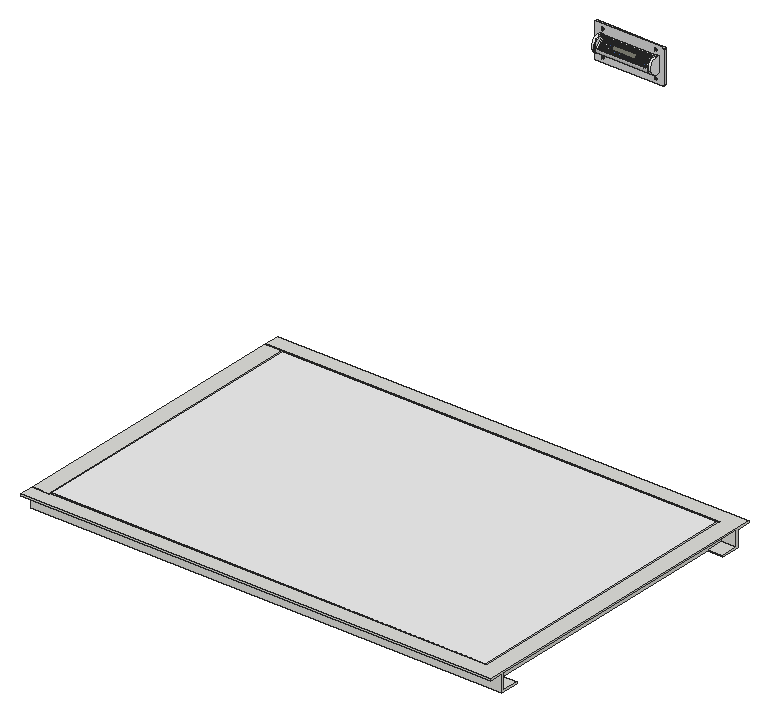
Revit family "Scale-SR_Scales-SR463iR-4", category Specialty Equipment, Revit 2020
Family settings
  Round Connector Dimension = Use Diameter
  Part Type = Normal
  OmniClass Number = 23.40.70.11.14.11
  OmniClass Title = Medical Equipment
  Work Plane-Based = No
  Always vertical = Yes
  Cut with Voids When Loaded = No
  Shared = No
  Room Calculation Point = No
Parameters (values of type "SR463iR-4")
  Wall Plate Center Elevation = 53"
  URL = "http://www.srinstruments.com/"
  Show Printer = no
  Show Handrail = no
  Power Supply = "110v AC, 50 - 60 Hz"  # constant formula
  Memory Recall = "Recalls Last Stored Weight"  # constant formula
  Maximum Weight Capacity = "1000 lbs or 454 kg"  # constant formula
  Frame Distance to Wall = 12"  # constant formula
  Product Page URL = "https://srinstruments.com/scales/SR463iR4"
  Platform Width = 71 1/2"
  Platform Size = "48'' x 72'' (122 cm x 183 cm)"  # constant formula
  Platform Depth = 47 1/2"
  Pit Depth = 3"
  Model = "SR463iR-4"
  Manufacturer Phone Number = "1.800.654.6360"  # constant formula
  Manufacturer Email Contact = "mailto:info-request@srinstruments.com?Subject=Revit Inquiry"
  Manufacturer Address 1 = "600 Young Street"  # constant formula
  Manufacturer Address  2 = "Tonawanda, NY 14150"  # constant formula
  Manufacturer = "SR Scales by SR Instruments, Inc."
  Display Units = "Pounds / Kilograms"  # constant formula
  Display Type = "16-Character Dot-Matrix LCD"  # constant formula
  Display Resolution = "0.1 lb / 0.1 kg"  # constant formula
  Description = "48\" x 72\" In-Floor Platform Scale"
  Default Elevation = 0"
  Creator URL = "http://www.revituspro.com/"
  Created By = "Revitus"  # constant formula
  Copyright Notice = "© SR Instruments, Inc.  All Rights Reserved."  # constant formula
  Control Panel Offset from Center = 12"
  Calibration = "Traceable to NIST Standards"  # constant formula
  BIM Version Available (Earliest) = "2017"  # constant formula
  BIM Version = "v4.1"  # constant formula
  Averaging = "Automatic Digital Filter"  # constant formula
  Auto Zero = "One Button Auto-Tare"  # constant formula
  Auto Power Down = "30 to 300 Seconds"  # constant formula
  Assembly Code = "E1020810"
  Accuracy = "0.1% +/- 1 Digit of Displayed Resolution"  # constant formula
Types (5): name | Show Printer | Show Handrail | Model | Description
  (no name) | no | no | "SR463iR-4" | "48\" x 72\" In-Floor Platform Scale"
  SR463iR-4 | no | no | "SR463iR-4" | "48\" x 72\" In-Floor Platform Scale"
  SR463iR-4P | yes | no | "SR463iR-4P" | "48\" x 72\" In-Floor Platform Scale with Printer"
  SR463iR-4H | no | yes | "SR463iR-4H" | "48\" x 72\" In-Floor Platform Scale with Handrail"
  SR463iR-4PH | yes | yes | "SR463iR-4PH" | "48\" x 72\" In-Floor Platform Scale with Printer and Handrail"
Reference planes (in)
  plane 1 "Face of Wall": y = 0
  plane 2: z = 0
  plane 3 "Center (Left/Right)": x = 0
  plane 4 "Platform - Left": x = -35.75
  plane 5 "Platform - Right": x = 35.75
  plane 6 "Platform - Front": y = -59.5
  plane 7 "Platform - Back": y = -12
  plane 8 "Top": z = 33.625
  plane 9 "Left": x = -38.75
  plane 10 "Right": x = 38.75
  plane 11 "Frame - Front": y = -62.25
  plane 12 "Frame - Bottom": z = -2.75
  plane 13 "Platform - Top": z = 0.25
  plane 14 "Frame Front Rail - Back": y = -57
  plane 15: y = -59.75
  plane 16: z = -2.5
  plane 17: y = -60
  plane 18: y = -9.25
  plane 19: y = -14.5
  plane 20: y = -11.75
  plane 21: y = -11.5
  plane 22 "Platform - Bottom": z = -0.75
  plane 23: x = -36.25
  plane 24: x = -36
  plane 25: x = -33.25
  plane 26: x = 36.25
  plane 27: x = 36
  plane 28: x = 33.25
  plane 29 "Handrail - Left": x = -33.875
  plane 30 "Handrail - Right": x = 33.875
  plane 31 "Handrail Centerline (Front/Back)": y = -13.25
  plane 32: x = 12
  plane 33: x = -32.375
  plane 34: x = -35.375
  plane 35: x = 32.375
  plane 36: x = 35.375
  plane 37 "Handrail Floor Plate - Top": z = 0.5
  plane 38: y = -12.125
  plane 39: y = -14.375
Forms (in)
  Extrusion 1, solid, material "SR Scales - Platform", detail levels medium+fine
    sketch origin (0, 0, 0) x (1, 0, 0) y (0, 0, 1)
      loop
        line (-35.75, 0.25) -> (-35.75, -0.75) -> (35.75, -0.75) -> (35.75, 0.25) -> (-35.75, 0.25)
    from 12 to 59.5
  Extrusion 2, solid, material "SR Scales - Frame", detail levels medium+fine
    sketch origin (0, 0, 0) x (1, 0, 0) y (0, 0, 1)
      loop
        line (-38.75, 0.25) -> (-38.75, 0) -> (-36.25, 0) -> (-36.25, -2.75) -> (-33.25, -2.75) -> (-33.25, -2.5) -> (-36, -2.5) -> (-36, 0.25) -> (-38.75, 0.25)
    from 11.75 to 59.75
  Extrusion 3, solid, material "SR Scales - Frame", detail levels medium+fine
    sketch origin (0, 0, 0) x (0, 1, 0) y (0, 0, 1)
      loop
        line (-62.25, 0) -> (-60, 0) -> (-60, -2.75) -> (-57, -2.75) -> (-57, -2.5) -> (-59.75, -2.5) -> (-59.75, 0.25) -> (-62.25, 0.25) -> (-62.25, 0)
    from -38.75 to 38.75
  Extrusion 4, solid, material "SR Scales - Frame", detail levels medium+fine
    sketch origin (0, -44, 0) x (0, -1, 0) y (0, 0, -1)
      loop
        line (-34.75, 0) -> (-34.75, -0.25) -> (-32.25, -0.25) -> (-32.25, 2.5) -> (-29.5, 2.5) -> (-29.5, 2.75) -> (-32.5, 2.75) -> (-32.5, 0) -> (-34.75, 0)
    from -38.75 to 38.75
  Extrusion 5, solid, material "SR Scales - Frame", detail levels medium+fine
    sketch origin (0, 0, 0) x (-1, 0, 0) y (0, 0, -1)
      loop
        line (-38.75, -0.25) -> (-36, -0.25) -> (-36, 2.5) -> (-33.25, 2.5) -> (-33.25, 2.75) -> (-36.25, 2.75) -> (-36.25, 0) -> (-38.75, 0) -> (-38.75, -0.25)
    from 11.75 to 59.75
  Sweep 6, solid, material "SR Scales - Handrail", visible <- "Show Handrail"
    path origin (0, -13.25, 0) x (-1, 0, 0) y (0, 0, 1)
      loop
        line (-33.875, 0.25) -> (-33.875, 27.625)
        arc (-33.875, 27.625) -> (-32.11764, 31.86764) -> (-27.875, 33.625) r 6
        line (-27.875, 33.625) -> (27.875, 33.625)
        arc (27.875, 33.625) -> (32.11764, 31.86764) -> (33.875, 27.625) r 6
        line (33.875, 27.625) -> (33.875, 0.25)
    profile origin (-33.875, -13.25, 13.9375) x (0, 1, 0) y (-1, 0, 0)
      loop
        circle (0, 0) r 0.625
  Extrusion 7, solid, material "SR Scales - Handrail", visible <- "Show Handrail", detail levels medium+fine
    sketch origin (0, 0, 0) x (1, 0, 0) y (0, 1, 0)
      loop
        line (-35.375, -12.125) -> (-35.375, -14.375) -> (-32.375, -14.375) -> (-32.375, -12.125) -> (-35.375, -12.125)
      loop
        line (32.375, -12.125) -> (32.375, -14.375) -> (35.375, -14.375) -> (35.375, -12.125) -> (32.375, -12.125)
    from 0.25 to 0.5
  Extrusion 8, solid, material "SR Scales - Platform", detail levels coarse
    sketch origin (0, 0, 0) x (1, 0, 0) y (0, 1, 0)
      loop
        line (-38.75, -9.25) -> (-38.75, -62.25) -> (38.75, -62.25) -> (38.75, -9.25) -> (-38.75, -9.25)
    from -2.75 to 0.25
Cuts and joins
  joined: Extrusion 3, Extrusion 4, Extrusion 5
Lines and regions (in)
  model lines, style "Scale - Platform", detail levels coarse
    curve 1: line (-35.75, -12, 0.25) -> (-35.75, -59.5, 0.25)
    curve 2: line (-35.75, -12, 0.25) -> (35.75, -12, 0.25)
    curve 3: line (-35.75, -59.5, 0.25) -> (35.75, -59.5, 0.25)
    curve 4: line (35.75, -12, 0.25) -> (35.75, -59.5, 0.25)
Dimensions and locks (in)
  equal spacing: plane 4 "Platform - Left", plane 3 "Center (Left/Right)", plane 5 "Platform - Right"
  "Platform Width": plane 4 "Platform - Left" to plane 5 "Platform - Right"
  "Platform Depth": plane 6 "Platform - Front" to plane 7 "Platform - Back"
  plane 8 "Top" to plane 13 "Platform - Top" = 33 3/8"
  plane 25 to plane 4 "Platform - Left" to plane 24 to plane 9 "Left" = 2 1/2" locked, 1/4" locked, 2 3/4" locked
  plane 11 "Frame - Front" to plane 15 to plane 6 "Platform - Front" to plane 14 "Frame Front Rail - Back" = 2 1/2" locked, 1/4" locked, 2 1/2" locked
  locked: plane 13 "Platform - Top" to plane 2 at 0.25
  "Pit Depth": plane 13 "Platform - Top" to plane 12 "Frame - Bottom"
  locked: plane 16 to plane 12 "Frame - Bottom" at 0.25
  locked: plane 17 to plane 15 at 0.25
  plane 18 to plane 20 to plane 7 "Platform - Back" to plane 19 = 2 1/2" locked, 1/4" locked, 2 1/2" locked
  locked: plane 21 to plane 20 at 0.25
  locked: plane 13 "Platform - Top" to plane 22 "Platform - Bottom" at 1
  locked: plane 24 to plane 23 at 0.25
  plane 28 to plane 5 "Platform - Right" to plane 27 to plane 10 "Right" = 2 1/2" locked, 1/4" locked, 2 3/4" locked
  locked: plane 27 to plane 26 at 0.25
  locked: plane 29 "Handrail - Left" to plane 4 "Platform - Left" at 1.875
  locked: plane 30 "Handrail - Right" to plane 5 "Platform - Right" at 1.875
  locked: plane 7 "Platform - Back" to plane 31 "Handrail Centerline (Front/Back)" at 1.25
  "Frame Distance to Wall": plane 7 "Platform - Back" to plane 1 "Face of Wall"
  "Control Panel Offset from Center": plane 32 to plane 3 "Center (Left/Right)"
  plane 34 to plane 29 "Handrail - Left" to plane 33 = 1 1/2" locked, 1 1/2" locked
  plane 36 to plane 30 "Handrail - Right" to plane 35 = 1 1/2" locked, 1 1/2" locked
  locked: plane 37 "Handrail Floor Plate - Top" to plane 13 "Platform - Top" at 0.25
  plane 38 to plane 31 "Handrail Centerline (Front/Back)" to plane 39 = 1 1/8" locked, 1 1/8" locked
  radius of Sweep 6 sketch curve = 6"  (x2)
  aligned and locked: level to plane 2
  aligned and locked: Extrusion 1 to plane 6 "Platform - Front"
  aligned and locked: plane 7 "Platform - Back" to Extrusion 1
  aligned and locked: Extrusion 3 to plane 10 "Right"
  aligned and locked: plane 9 "Left" to Extrusion 3
  aligned and locked: Extrusion 3 sketch curve to plane 11 "Frame - Front"
  aligned and locked: Extrusion 3 sketch curve to plane 13 "Platform - Top"
  aligned and locked: Extrusion 3 sketch curve to level
  aligned and locked: Extrusion 3 sketch curve to plane 17
  aligned and locked: Extrusion 3 sketch curve to plane 15
  aligned and locked: Extrusion 3 sketch curve to plane 16
  aligned and locked: Extrusion 3 sketch curve to plane 12 "Frame - Bottom"
  aligned and locked: Extrusion 3 sketch curve to plane 14 "Frame Front Rail - Back"
  aligned and locked: plane 18 to Extrusion 4 sketch curve
  aligned and locked: plane 21 to Extrusion 4 sketch curve
  aligned and locked: plane 20 to Extrusion 4 sketch curve
  aligned and locked: plane 19 to Extrusion 4 sketch curve
  aligned and locked: Extrusion 1 to plane 22 "Platform - Bottom"
  aligned and locked: plane 13 "Platform - Top" to Extrusion 1
  aligned and locked: Extrusion 1 sketch curve to plane 4 "Platform - Left"
  aligned and locked: plane 5 "Platform - Right" to Extrusion 1 sketch curve
  aligned and locked: Extrusion 4 to plane 9 "Left"
  aligned and locked: Extrusion 4 to plane 10 "Right"
  aligned and locked: Extrusion 2 sketch curve to plane 9 "Left"
  aligned and locked: Extrusion 2 sketch curve to plane 13 "Platform - Top"
  aligned and locked: Extrusion 2 sketch curve to level
  aligned and locked: Extrusion 2 sketch curve to plane 16
  aligned and locked: Extrusion 2 sketch curve to plane 12 "Frame - Bottom"
  aligned and locked: Extrusion 2 sketch curve to plane 24
  aligned and locked: Extrusion 2 sketch curve to plane 23
  aligned and locked: Extrusion 2 sketch curve to plane 25
  aligned and locked: Extrusion 2 to plane 15
  aligned and locked: plane 20 to Extrusion 2
  aligned and locked: plane 27 to Extrusion 5 sketch curve
  aligned and locked: plane 26 to Extrusion 5 sketch curve
  aligned and locked: plane 28 to Extrusion 5 sketch curve
  aligned and locked: Extrusion 5 to plane 20
  aligned and locked: plane 15 to Extrusion 5
  aligned and locked: plane 10 "Right" to Extrusion 5 sketch curve
  aligned and locked: plane 13 "Platform - Top" to Extrusion 5 sketch curve
  aligned and locked: level to Extrusion 5 sketch curve
  aligned and locked: plane 12 "Frame - Bottom" to Extrusion 5 sketch curve
  aligned and locked: plane 16 to Extrusion 5 sketch curve
  aligned and locked: plane 32 to nested 1
  aligned and locked: plane 1 "Face of Wall" to nested 1
  aligned and locked: plane 29 "Handrail - Left" to Sweep 6 sketch curve
  aligned and locked: plane 8 "Top" to Sweep 6 sketch curve
  aligned and locked: Sweep 6 sketch curve to plane 30 "Handrail - Right"
  aligned and locked: plane 13 "Platform - Top" to Sweep 6 sketch curve  (x2)
  aligned and locked: Extrusion 7 to plane 13 "Platform - Top"
  aligned and locked: Extrusion 7 to plane 37 "Handrail Floor Plate - Top"
  aligned and locked: Extrusion 7 sketch curve to plane 38
  aligned and locked: plane 34 to Extrusion 7 sketch curve
  aligned and locked: Extrusion 7 sketch curve to plane 33
  aligned and locked: Extrusion 7 sketch curve to plane 39
  aligned and locked: plane 38 to Extrusion 7 sketch curve
  aligned and locked: plane 39 to Extrusion 7 sketch curve
  aligned and locked: plane 35 to Extrusion 7 sketch curve
  aligned and locked: Extrusion 7 sketch curve to plane 36
  aligned and locked: Extrusion 8 sketch curve to plane 9 "Left"
  aligned and locked: Extrusion 8 sketch curve to plane 18
  aligned and locked: plane 10 "Right" to Extrusion 8 sketch curve
  aligned and locked: Extrusion 8 sketch curve to plane 11 "Frame - Front"
  aligned and locked: Extrusion 8 to plane 12 "Frame - Bottom"
  aligned and locked: plane 13 "Platform - Top" to Extrusion 8
  aligned and locked: curve 1 to plane 4 "Platform - Left"
  aligned and locked: curve 2 to plane 7 "Platform - Back"
  aligned and locked: curve 3 to plane 6 "Platform - Front"
  aligned and locked: plane 5 "Platform - Right" to curve 4
Automatic sketch dimensions
  Extrusion 1 sketch curve to plane 22 "Platform - Bottom" = 0"
  Extrusion 1 sketch curve to plane 13 "Platform - Top" = 0"
  Extrusion 4 sketch curve to plane 12 "Frame - Bottom" = 0"
  Extrusion 4 sketch curve to plane 16 = 0"
  Extrusion 4 sketch curve to level = 0"
  Extrusion 4 sketch curve to plane 13 "Platform - Top" = 0"
  Sweep 6 sketch curve to plane 31 "Handrail Centerline (Front/Back)" = 0"
  Sweep 6 sketch curve to profile plane = 0"
  radius of Sweep 6 sketch curve = 5/8"
Nested families (in)
  nested 1: "Display-Wall_Panel-SR463iR" at (12, 0, 53), built-in parameter 1001364 <- "Wall Plate Center Elevation", type "Display-Wall_Panel-SR463iR"
Definition of nested family "Display-Wall_Panel-SR463iR"
  Parameters (values of type "Display-Wall_Panel-SR463iR")
    Show Printer = no
    No Printer = not(Show Printer)  # yes
    Manufacturer Phone Number = ""
    Manufacturer Email Contact = ""
    Manufacturer Address 1 = ""
    Manufacturer Address  2 = ""
    Default Elevation = 0"
    Creator URL = ""
    Created By = ""
    Copyright Notice = ""
    BIM Version Available (Earliest) = ""
    BIM Version = ""
  Reference planes (in)
    plane 1 "Center (Front/Back)": y = 0
    plane 2: z = 0
    plane 3 "Center (Left/Right)": x = 0
    plane 4: y = -0.25
  Forms (in)
    Extrusion 1, solid, visible <- "Show Printer", detail levels fine
      sketch origin (-31.99871, 3, -32.9043) x (1, 0, 0) y (0, 0, 1)
        loop
          arc (30.12371, 29.9093) -> (30.16178, 29.81737) -> (30.25371, 29.7793) r 0.13
          line (30.25371, 29.7793) -> (33.74371, 29.7793)
          arc (33.74371, 29.7793) -> (33.83563, 29.81737) -> (33.87371, 29.9093) r 0.13
          line (33.87371, 29.9093) -> (33.87371, 34.1493)
          arc (33.87371, 34.1493) -> (33.83563, 34.24122) -> (33.74371, 34.2793) r 0.13
          line (33.74371, 34.2793) -> (30.25371, 34.2793)
          arc (30.25371, 34.2793) -> (30.16178, 34.24122) -> (30.12371, 34.1493) r 0.13
          line (30.12371, 34.1493) -> (30.12371, 29.9093)
        loop
          line (30.56171, 30.0293) -> (33.43571, 30.0293)
          arc (33.43571, 30.0293) -> (33.48025, 30.04775) -> (33.49871, 30.0923) r 0.063
          line (33.49871, 30.0923) -> (33.49871, 32.5913)
          arc (33.49871, 32.5913) -> (33.48025, 32.63584) -> (33.43571, 32.6543) r 0.063
          line (33.43571, 32.6543) -> (33.24871, 32.6543)
          arc (33.24871, 32.6543) -> (33.21209, 32.74268) -> (33.12371, 32.7793) r 0.125
          line (33.12371, 32.7793) -> (30.87371, 32.7793)
          arc (30.87371, 32.7793) -> (30.78532, 32.74268) -> (30.74871, 32.6543) r 0.125
          line (30.74871, 32.6543) -> (30.56171, 32.6543)
          arc (30.56171, 32.6543) -> (30.51716, 32.63584) -> (30.49871, 32.5913) r 0.063
          line (30.49871, 32.5913) -> (30.49871, 30.0923)
          arc (30.49871, 30.0923) -> (30.51716, 30.04775) -> (30.56171, 30.0293) r 0.063
        loop
          line (33.40521, 32.7793) -> (33.59221, 32.7793) -> (33.59221, 33.4693) -> (33.40521, 33.4693) -> (33.40521, 32.7793)
      from 3.25 to 3.375
    Extrusion 2, solid, visible <- "Show Printer", detail levels medium+fine
      sketch origin (0, 3, -32.9043) x (0, 0, -1) y (0, -1, 0)
        loop
          line (-32.3293, 3.375) -> (-32.6043, 3.375) -> (-32.6043, 3.25) -> (-30.0793, 3.25) -> (-30.0793, 3.33642)
          arc (-30.0793, 3.33642) -> (-30.08872, 3.36956) -> (-30.11416, 3.39279) r 0.063
          arc (-30.11416, 3.39279) -> (-30.99803, 3.62272) -> (-31.8993, 3.475) r 2.20628
          arc (-31.8993, 3.475) -> (-32.11073, 3.40966) -> (-32.3293, 3.375) r 1.55486
      from -1.45 to 1.45
    Extrusion 3, void
      sketch origin (-31.99871, 3, -32.9043) x (1, 0, 0) y (0, 0, 1)
        loop
          line (33.24871, 32.6043) -> (30.74871, 32.6043)
          arc (30.74871, 32.6043) -> (30.78532, 32.51591) -> (30.87371, 32.4793) r 0.125
          line (30.87371, 32.4793) -> (33.12371, 32.4793)
          arc (33.12371, 32.4793) -> (33.21209, 32.51591) -> (33.24871, 32.6043) r 0.125
      from 3.25 to 3.375
    Extrusion 4, solid, visible <- "Show Printer", detail levels coarse+medium
      sketch origin (-31.99871, 3, -32.9043) x (1, 0, 0) y (0, 0, 1)
        loop
          line (30.24871, 29.7793) -> (33.74871, 29.7793)
          arc (33.74871, 29.7793) -> (33.83709, 29.81591) -> (33.87371, 29.9043) r 0.125
          line (33.87371, 29.9043) -> (33.87371, 34.1543)
          arc (33.87371, 34.1543) -> (33.83709, 34.24268) -> (33.74871, 34.2793) r 0.125
          line (33.74871, 34.2793) -> (30.24871, 34.2793)
          arc (30.24871, 34.2793) -> (30.16032, 34.24268) -> (30.12371, 34.1543) r 0.125
          line (30.12371, 34.1543) -> (30.12371, 29.9043)
          arc (30.12371, 29.9043) -> (30.16032, 29.81591) -> (30.24871, 29.7793) r 0.125
      from 3.25 to 3.375
    Extrusion 5, solid, visible <- "Show Printer"
      sketch origin (0, 0, -53) x (1, 0, 0) y (0, 0, 1)
        loop
          line (-5.75, 58.5) -> (-5.75, 49.125)
          arc (-5.75, 49.125) -> (-5.67678, 48.94822) -> (-5.5, 48.875) r 0.25
          line (-5.5, 48.875) -> (5.5, 48.875)
          arc (5.5, 48.875) -> (5.67678, 48.94822) -> (5.75, 49.125) r 0.25
          line (5.75, 49.125) -> (5.75, 58.5)
          arc (5.75, 58.5) -> (5.67678, 58.67678) -> (5.5, 58.75) r 0.25
          line (5.5, 58.75) -> (-5.5, 58.75)
          arc (-5.5, 58.75) -> (-5.67678, 58.67678) -> (-5.75, 58.5) r 0.25
        loop
          circle (-4.375, 49.625) r 0.25
        loop
          circle (4.375, 49.625) r 0.25
        loop
          circle (-4.375, 58) r 0.25
        loop
          circle (4.375, 58) r 0.25
      from 0 to 0.25
    Extrusion 6, solid
      sketch origin (0, 0, -52.8012) x (0, 1, 0) y (0, 0, 1)
        loop
          arc (-0.75, 57.0512) -> (-2, 55.8012) -> (-0.75, 54.5512) r 1.25
          line (-0.75, 54.5512) -> (-0.375, 54.5512)
          arc (-0.375, 54.5512) -> (-0.28661, 54.58781) -> (-0.25, 54.6762) r 0.125
          line (-0.25, 54.6762) -> (-0.25, 56.9262)
          arc (-0.25, 56.9262) -> (-0.28661, 57.01459) -> (-0.375, 57.0512) r 0.125
          line (-0.375, 57.0512) -> (-0.75, 57.0512)
      from -4.25 to 4.375
    Extrusion 7, void
      sketch origin (0, 0, -56.3012) x (0, 1, 0) y (0, 0, 1)
        loop
          line (-1.86474, 59.1797) -> (-0.6273, 60.41714) -> (-0.71569, 60.50552) -> (-0.68832, 60.53289)
          arc (-0.68832, 60.53289) -> (-0.66804, 60.54644) -> (-0.64413, 60.5512) r 0.0625
          line (-0.64413, 60.5512) -> (-0.5, 60.5512) -> (-0.5, 60.8012) -> (-0.75, 60.8012)
          arc (-0.75, 60.8012) -> (-1.88001, 60.28764) -> (-2.23626, 59.09862) r 1.5
          line (-2.23626, 59.09862) -> (-1.98348, 59.09862)
          arc (-1.98348, 59.09862) -> (-1.99211, 59.16094) -> (-1.99759, 59.22362) r 1.25
          line (-1.99759, 59.22362) -> (-1.95312, 59.26809) -> (-1.86474, 59.1797)
      from -4.25 to 4.24871
    Extrusion 8, solid, detail levels medium+fine
      sketch origin (0, 0, -52.8012) x (0, 1, 0) y (0, 0, 1)
        loop
          arc (-0.75, 57.0512) -> (-2, 55.8012) -> (-0.75, 54.5512) r 1.25
          line (-0.75, 54.5512) -> (-0.375, 54.5512)
          arc (-0.375, 54.5512) -> (-0.28661, 54.58781) -> (-0.25, 54.6762) r 0.125
          line (-0.25, 54.6762) -> (-0.25, 56.9262)
          arc (-0.25, 56.9262) -> (-0.28661, 57.01459) -> (-0.375, 57.0512) r 0.125
          line (-0.375, 57.0512) -> (-0.75, 57.0512)
      from -4.875 to -4.5
    Extrusion 9, solid
      sketch origin (0.5, 0, -52.8012) x (0, 1, 0) y (0, 0, 1)
        loop
          arc (-0.75, 57.0512) -> (-2, 55.8012) -> (-0.75, 54.5512) r 1.25
          line (-0.75, 54.5512) -> (-0.375, 54.5512)
          arc (-0.375, 54.5512) -> (-0.28661, 54.58781) -> (-0.25, 54.6762) r 0.125
          line (-0.25, 54.6762) -> (-0.25, 56.9262)
          arc (-0.25, 56.9262) -> (-0.28661, 57.01459) -> (-0.375, 57.0512) r 0.125
          line (-0.375, 57.0512) -> (-0.75, 57.0512)
      from -4.875 to -4.75
    Extrusion 10, solid, detail levels medium+fine
      sketch origin (0, 0, -52.8012) x (0, 1, 0) y (0, 0, -1)
        loop
          line (-0.75, -57.0512) -> (-0.375, -57.0512)
          arc (-0.375, -57.0512) -> (-0.28661, -57.01459) -> (-0.25, -56.9262) r 0.125
          line (-0.25, -56.9262) -> (-0.25, -54.6762)
          arc (-0.25, -54.6762) -> (-0.28661, -54.58781) -> (-0.375, -54.5512) r 0.125
          line (-0.375, -54.5512) -> (-0.75, -54.5512)
          arc (-0.75, -54.5512) -> (-2, -55.8012) -> (-0.75, -57.0512) r 1.25
      from -4.875 to -4.5
    Extrusion 11, solid
      sketch origin (-0.5, 0, -52.8012) x (0, 1, 0) y (0, 0, -1)
        loop
          line (-0.75, -57.0512) -> (-0.375, -57.0512)
          arc (-0.375, -57.0512) -> (-0.28661, -57.01459) -> (-0.25, -56.9262) r 0.125
          line (-0.25, -56.9262) -> (-0.25, -54.6762)
          arc (-0.25, -54.6762) -> (-0.28661, -54.58781) -> (-0.375, -54.5512) r 0.125
          line (-0.375, -54.5512) -> (-0.75, -54.5512)
          arc (-0.75, -54.5512) -> (-2, -55.8012) -> (-0.75, -57.0512) r 1.25
      from -4.875 to -4.75
    Extrusion 12, solid, visible <- "Show Printer", detail levels fine
      sketch origin (0, 0, -51.625) x (0, 1, 0) y (0, 0, 1)
        loop
          line (-0.25, 51.53125) -> (-0.25, 52.17166) -> (-0.34058, 52.17166)
          arc (-0.34058, 52.17166) -> (-0.37145, 52.1635) -> (-0.39427, 52.14116) r 0.0625
          arc (-0.39427, 52.14116) -> (-0.47618, 51.93492) -> (-0.48926, 51.71338) r 0.69841
          arc (-0.48926, 51.71338) -> (-0.45912, 51.61847) -> (-0.39334, 51.54371) r 0.2423
          arc (-0.39334, 51.54371) -> (-0.37563, 51.53445) -> (-0.3559, 51.53125) r 0.0625
          line (-0.3559, 51.53125) -> (-0.25, 51.53125)
      from 1.4375 to 1.5625
    Extrusion 13, solid, visible <- "Show Printer", detail levels fine
      sketch origin (0, 0, 0) x (1, 0, 0) y (0, 0, 1)
        loop
          circle (-4.375, 5) r 0.1875
        loop
          circle (4.375, 5) r 0.1875
        loop
          circle (-4.375, -3.375) r 0.1875
        loop
          circle (4.375, -3.375) r 0.1875
      from 0 to 0.1875
    Extrusion 14, solid, detail levels medium+fine
      sketch origin (9.65958, -0.24913, 4.49411) x (-1, 0, 0) y (0, -0.707107, -0.707107)
        loop
          line (13.90958, 0.65981) -> (13.90958, 2.15981)
          arc (13.90958, 2.15981) -> (13.87296, 2.2482) -> (13.78458, 2.28481) r 0.125
          line (13.78458, 2.28481) -> (5.53458, 2.28481)
          arc (5.53458, 2.28481) -> (5.44619, 2.2482) -> (5.40958, 2.15981) r 0.125
          line (5.40958, 2.15981) -> (5.40958, 0.65981)
          arc (5.40958, 0.65981) -> (5.44619, 0.57142) -> (5.53458, 0.53481) r 0.125
          line (5.53458, 0.53481) -> (13.78458, 0.53481)
          arc (13.78458, 0.53481) -> (13.87296, 0.57142) -> (13.90958, 0.65981) r 0.125
        loop
          line (13.53458, 0.72231) -> (13.53458, 2.09731)
          arc (13.53458, 2.09731) -> (13.51627, 2.14151) -> (13.47208, 2.15981) r 0.0625
          line (13.47208, 2.15981) -> (5.84837, 2.15981)
          arc (5.84837, 2.15981) -> (5.80418, 2.14151) -> (5.78587, 2.09731) r 0.0625
          line (5.78587, 2.09731) -> (5.78587, 0.72231)
          arc (5.78587, 0.72231) -> (5.80418, 0.67812) -> (5.84837, 0.65981) r 0.0625
          line (5.84837, 0.65981) -> (13.47208, 0.65981)
          arc (13.47208, 0.65981) -> (13.51627, 0.67812) -> (13.53458, 0.72231) r 0.0625
      from 0 to 0.125
    Extrusion 15, solid, detail levels medium+fine
      sketch origin (8.28587, -6.87826, -2.13502) x (-1, 0, 0) y (0, -0.707107, -0.707107)
        loop
          line (6.28587, -7.59019) -> (6.28587, -8.34019) -> (10.28587, -8.34019) -> (10.28587, -7.59019) -> (6.28587, -7.59019)
      from 0 to 0.125
    Extrusion 16, solid, detail levels medium+fine
      sketch origin (8.28587, -4.72754, 0.0157) x (-1, 0, 0) y (0, -0.707107, -0.707107)
        loop
          arc (6.28587, -4.29861) -> (6.19748, -4.33522) -> (6.16087, -4.42361) r 0.125
          line (6.16087, -4.42361) -> (6.16087, -5.29861)
          arc (6.16087, -5.29861) -> (6.19748, -5.387) -> (6.28587, -5.42361) r 0.125
          line (6.28587, -5.42361) -> (10.28587, -5.42361)
          arc (10.28587, -5.42361) -> (10.37426, -5.387) -> (10.41087, -5.29861) r 0.125
          line (10.41087, -5.29861) -> (10.41087, -4.42361)
          arc (10.41087, -4.42361) -> (10.37426, -4.33522) -> (10.28587, -4.29861) r 0.125
          line (10.28587, -4.29861) -> (6.28587, -4.29861)
        loop
          line (6.28587, -4.54861) -> (6.28587, -5.29861) -> (10.28587, -5.29861) -> (10.28587, -4.54861) -> (6.28587, -4.54861)
        loop
          arc (4.75462, -4.36111) -> (4.68833, -4.38857) -> (4.66087, -4.45486) r 0.09375
          line (4.66087, -4.45486) -> (4.66087, -4.76736)
          arc (4.66087, -4.76736) -> (4.68833, -4.83365) -> (4.75462, -4.86111) r 0.09375
          line (4.75462, -4.86111) -> (5.06712, -4.86111)
          arc (5.06712, -4.86111) -> (5.13341, -4.83365) -> (5.16087, -4.76736) r 0.09375
          line (5.16087, -4.76736) -> (5.16087, -4.45486)
          arc (5.16087, -4.45486) -> (5.13341, -4.38857) -> (5.06712, -4.36111) r 0.09375
          line (5.06712, -4.36111) -> (4.75462, -4.36111)
        loop
          line (5.06712, -4.42361) -> (4.75462, -4.42361)
          arc (4.75462, -4.42361) -> (4.73252, -4.43276) -> (4.72337, -4.45486) r 0.03125
          line (4.72337, -4.45486) -> (4.72337, -4.76736)
          arc (4.72337, -4.76736) -> (4.73252, -4.78946) -> (4.75462, -4.79861) r 0.03125
          line (4.75462, -4.79861) -> (5.06712, -4.79861)
          arc (5.06712, -4.79861) -> (5.08922, -4.78946) -> (5.09837, -4.76736) r 0.03125
          line (5.09837, -4.76736) -> (5.09837, -4.45486)
          arc (5.09837, -4.45486) -> (5.08922, -4.43276) -> (5.06712, -4.42361) r 0.03125
        loop
          arc (5.50462, -4.36111) -> (5.43833, -4.38857) -> (5.41087, -4.45486) r 0.09375
          line (5.41087, -4.45486) -> (5.41087, -4.76736)
          arc (5.41087, -4.76736) -> (5.43833, -4.83365) -> (5.50462, -4.86111) r 0.09375
          line (5.50462, -4.86111) -> (5.81712, -4.86111)
          arc (5.81712, -4.86111) -> (5.88341, -4.83365) -> (5.91087, -4.76736) r 0.09375
          line (5.91087, -4.76736) -> (5.91087, -4.45486)
          arc (5.91087, -4.45486) -> (5.88341, -4.38857) -> (5.81712, -4.36111) r 0.09375
          line (5.81712, -4.36111) -> (5.50462, -4.36111)
        loop
          line (5.81712, -4.42361) -> (5.50462, -4.42361)
          arc (5.50462, -4.42361) -> (5.48252, -4.43276) -> (5.47337, -4.45486) r 0.03125
          line (5.47337, -4.45486) -> (5.47337, -4.76736)
          arc (5.47337, -4.76736) -> (5.48252, -4.78946) -> (5.50462, -4.79861) r 0.03125
          line (5.50462, -4.79861) -> (5.81712, -4.79861)
          arc (5.81712, -4.79861) -> (5.83922, -4.78946) -> (5.84837, -4.76736) r 0.03125
          line (5.84837, -4.76736) -> (5.84837, -4.45486)
          arc (5.84837, -4.45486) -> (5.83922, -4.43276) -> (5.81712, -4.42361) r 0.03125
        loop
          arc (5.50462, -4.98611) -> (5.43833, -5.01357) -> (5.41087, -5.07986) r 0.09375
          line (5.41087, -5.07986) -> (5.41087, -5.39236)
          arc (5.41087, -5.39236) -> (5.43833, -5.45865) -> (5.50462, -5.48611) r 0.09375
          line (5.50462, -5.48611) -> (5.81712, -5.48611)
          arc (5.81712, -5.48611) -> (5.88341, -5.45865) -> (5.91087, -5.39236) r 0.09375
          line (5.91087, -5.39236) -> (5.91087, -5.07986)
          arc (5.91087, -5.07986) -> (5.88341, -5.01357) -> (5.81712, -4.98611) r 0.09375
          line (5.81712, -4.98611) -> (5.50462, -4.98611)
        loop
          line (5.81712, -5.04861) -> (5.50462, -5.04861)
          arc (5.50462, -5.04861) -> (5.48252, -5.05776) -> (5.47337, -5.07986) r 0.03125
          line (5.47337, -5.07986) -> (5.47337, -5.39236)
          arc (5.47337, -5.39236) -> (5.48252, -5.41446) -> (5.50462, -5.42361) r 0.03125
          line (5.50462, -5.42361) -> (5.81712, -5.42361)
          arc (5.81712, -5.42361) -> (5.83922, -5.41446) -> (5.84837, -5.39236) r 0.03125
          line (5.84837, -5.39236) -> (5.84837, -5.07986)
          arc (5.84837, -5.07986) -> (5.83922, -5.05776) -> (5.81712, -5.04861) r 0.03125
        loop
          arc (4.75462, -4.98611) -> (4.68833, -5.01357) -> (4.66087, -5.07986) r 0.09375
          line (4.66087, -5.07986) -> (4.66087, -5.39236)
          arc (4.66087, -5.39236) -> (4.68833, -5.45865) -> (4.75462, -5.48611) r 0.09375
          line (4.75462, -5.48611) -> (5.06712, -5.48611)
          arc (5.06712, -5.48611) -> (5.13341, -5.45865) -> (5.16087, -5.39236) r 0.09375
          line (5.16087, -5.39236) -> (5.16087, -5.07986)
          arc (5.16087, -5.07986) -> (5.13341, -5.01357) -> (5.06712, -4.98611) r 0.09375
          line (5.06712, -4.98611) -> (4.75462, -4.98611)
        loop
          line (5.06712, -5.04861) -> (4.75462, -5.04861)
          arc (4.75462, -5.04861) -> (4.73252, -5.05776) -> (4.72337, -5.07986) r 0.03125
          line (4.72337, -5.07986) -> (4.72337, -5.39236)
          arc (4.72337, -5.39236) -> (4.73252, -5.41446) -> (4.75462, -5.42361) r 0.03125
          line (4.75462, -5.42361) -> (5.06712, -5.42361)
          arc (5.06712, -5.42361) -> (5.08922, -5.41446) -> (5.09837, -5.39236) r 0.03125
          line (5.09837, -5.39236) -> (5.09837, -5.07986)
          arc (5.09837, -5.07986) -> (5.08922, -5.05776) -> (5.06712, -5.04861) r 0.03125
        loop
          line (11.81712, -4.36111) -> (11.50462, -4.36111)
          arc (11.50462, -4.36111) -> (11.43833, -4.38857) -> (11.41087, -4.45486) r 0.09375
          line (11.41087, -4.45486) -> (11.41087, -4.76736)
          arc (11.41087, -4.76736) -> (11.43833, -4.83365) -> (11.50462, -4.86111) r 0.09375
          line (11.50462, -4.86111) -> (11.81712, -4.86111)
          arc (11.81712, -4.86111) -> (11.88341, -4.83365) -> (11.91087, -4.76736) r 0.09375
          line (11.91087, -4.76736) -> (11.91087, -4.45486)
          arc (11.91087, -4.45486) -> (11.88341, -4.38857) -> (11.81712, -4.36111) r 0.09375
        loop
          arc (11.50462, -4.42361) -> (11.48252, -4.43276) -> (11.47337, -4.45486) r 0.03125
          line (11.47337, -4.45486) -> (11.47337, -4.76736)
          arc (11.47337, -4.76736) -> (11.48252, -4.78946) -> (11.50462, -4.79861) r 0.03125
          line (11.50462, -4.79861) -> (11.81712, -4.79861)
          arc (11.81712, -4.79861) -> (11.83922, -4.78946) -> (11.84837, -4.76736) r 0.03125
          line (11.84837, -4.76736) -> (11.84837, -4.45486)
          arc (11.84837, -4.45486) -> (11.83922, -4.43276) -> (11.81712, -4.42361) r 0.03125
          line (11.81712, -4.42361) -> (11.50462, -4.42361)
        loop
          line (11.06712, -4.36111) -> (10.75462, -4.36111)
          arc (10.75462, -4.36111) -> (10.68833, -4.38857) -> (10.66087, -4.45486) r 0.09375
          line (10.66087, -4.45486) -> (10.66087, -4.76736)
          arc (10.66087, -4.76736) -> (10.68833, -4.83365) -> (10.75462, -4.86111) r 0.09375
          line (10.75462, -4.86111) -> (11.06712, -4.86111)
          arc (11.06712, -4.86111) -> (11.13341, -4.83365) -> (11.16087, -4.76736) r 0.09375
          line (11.16087, -4.76736) -> (11.16087, -4.45486)
          arc (11.16087, -4.45486) -> (11.13341, -4.38857) -> (11.06712, -4.36111) r 0.09375
        loop
          arc (10.75462, -4.42361) -> (10.73252, -4.43276) -> (10.72337, -4.45486) r 0.03125
          line (10.72337, -4.45486) -> (10.72337, -4.76736)
          arc (10.72337, -4.76736) -> (10.73252, -4.78946) -> (10.75462, -4.79861) r 0.03125
          line (10.75462, -4.79861) -> (11.06712, -4.79861)
          arc (11.06712, -4.79861) -> (11.08922, -4.78946) -> (11.09837, -4.76736) r 0.03125
          line (11.09837, -4.76736) -> (11.09837, -4.45486)
          arc (11.09837, -4.45486) -> (11.08922, -4.43276) -> (11.06712, -4.42361) r 0.03125
          line (11.06712, -4.42361) -> (10.75462, -4.42361)
        loop
          line (11.06712, -4.98611) -> (10.75462, -4.98611)
          arc (10.75462, -4.98611) -> (10.68833, -5.01357) -> (10.66087, -5.07986) r 0.09375
          line (10.66087, -5.07986) -> (10.66087, -5.39236)
          arc (10.66087, -5.39236) -> (10.68833, -5.45865) -> (10.75462, -5.48611) r 0.09375
          line (10.75462, -5.48611) -> (11.06712, -5.48611)
          arc (11.06712, -5.48611) -> (11.13341, -5.45865) -> (11.16087, -5.39236) r 0.09375
          line (11.16087, -5.39236) -> (11.16087, -5.07986)
          arc (11.16087, -5.07986) -> (11.13341, -5.01357) -> (11.06712, -4.98611) r 0.09375
        loop
          arc (10.75462, -5.04861) -> (10.73252, -5.05776) -> (10.72337, -5.07986) r 0.03125
          line (10.72337, -5.07986) -> (10.72337, -5.39236)
          arc (10.72337, -5.39236) -> (10.73252, -5.41446) -> (10.75462, -5.42361) r 0.03125
          line (10.75462, -5.42361) -> (11.06712, -5.42361)
          arc (11.06712, -5.42361) -> (11.08922, -5.41446) -> (11.09837, -5.39236) r 0.03125
          line (11.09837, -5.39236) -> (11.09837, -5.07986)
          arc (11.09837, -5.07986) -> (11.08922, -5.05776) -> (11.06712, -5.04861) r 0.03125
          line (11.06712, -5.04861) -> (10.75462, -5.04861)
        loop
          line (11.81712, -4.98611) -> (11.50462, -4.98611)
          arc (11.50462, -4.98611) -> (11.43833, -5.01357) -> (11.41087, -5.07986) r 0.09375
          line (11.41087, -5.07986) -> (11.41087, -5.39236)
          arc (11.41087, -5.39236) -> (11.43833, -5.45865) -> (11.50462, -5.48611) r 0.09375
          line (11.50462, -5.48611) -> (11.81712, -5.48611)
          arc (11.81712, -5.48611) -> (11.88341, -5.45865) -> (11.91087, -5.39236) r 0.09375
          line (11.91087, -5.39236) -> (11.91087, -5.07986)
          arc (11.91087, -5.07986) -> (11.88341, -5.01357) -> (11.81712, -4.98611) r 0.09375
        loop
          arc (11.50462, -5.04861) -> (11.48252, -5.05776) -> (11.47337, -5.07986) r 0.03125
          line (11.47337, -5.07986) -> (11.47337, -5.39236)
          arc (11.47337, -5.39236) -> (11.48252, -5.41446) -> (11.50462, -5.42361) r 0.03125
          line (11.50462, -5.42361) -> (11.81712, -5.42361)
          arc (11.81712, -5.42361) -> (11.83922, -5.41446) -> (11.84837, -5.39236) r 0.03125
          line (11.84837, -5.39236) -> (11.84837, -5.07986)
          arc (11.84837, -5.07986) -> (11.83922, -5.05776) -> (11.81712, -5.04861) r 0.03125
          line (11.81712, -5.04861) -> (11.50462, -5.04861)
      from 0 to 0.125
    Extrusion 17, solid, detail levels medium+fine
      sketch origin (8.28587, -4.04983, 0.69341) x (-1, 0, 0) y (0, -0.707107, -0.707107)
        loop
          line (12.16087, -4.65269) -> (12.16087, -3.27769)
          arc (12.16087, -3.27769) -> (12.14256, -3.23349) -> (12.09837, -3.21519) r 0.0625
          line (12.09837, -3.21519) -> (4.47337, -3.21519)
          arc (4.47337, -3.21519) -> (4.42918, -3.23349) -> (4.41087, -3.27769) r 0.0625
          line (4.41087, -3.27769) -> (4.41087, -4.65269)
          arc (4.41087, -4.65269) -> (4.42918, -4.69688) -> (4.47337, -4.71519) r 0.0625
          line (4.47337, -4.71519) -> (12.09837, -4.71519)
          arc (12.09837, -4.71519) -> (12.14256, -4.69688) -> (12.16087, -4.65269) r 0.0625
        loop
          line (10.41087, -4.34019) -> (10.41087, -3.46519)
          arc (10.41087, -3.46519) -> (10.37426, -3.3768) -> (10.28587, -3.34019) r 0.125
          line (10.28587, -3.34019) -> (6.28587, -3.34019)
          arc (6.28587, -3.34019) -> (6.19748, -3.3768) -> (6.16087, -3.46519) r 0.125
          line (6.16087, -3.46519) -> (6.16087, -4.34019)
          arc (6.16087, -4.34019) -> (6.19748, -4.42858) -> (6.28587, -4.46519) r 0.125
          line (6.28587, -4.46519) -> (10.28587, -4.46519)
          arc (10.28587, -4.46519) -> (10.37426, -4.42858) -> (10.41087, -4.34019) r 0.125
        loop
          arc (4.75462, -3.40269) -> (4.68833, -3.43015) -> (4.66087, -3.49644) r 0.09375
          line (4.66087, -3.49644) -> (4.66087, -3.80894)
          arc (4.66087, -3.80894) -> (4.68833, -3.87523) -> (4.75462, -3.90269) r 0.09375
          line (4.75462, -3.90269) -> (5.06712, -3.90269)
          arc (5.06712, -3.90269) -> (5.13341, -3.87523) -> (5.16087, -3.80894) r 0.09375
          line (5.16087, -3.80894) -> (5.16087, -3.49644)
          arc (5.16087, -3.49644) -> (5.13341, -3.43015) -> (5.06712, -3.40269) r 0.09375
          line (5.06712, -3.40269) -> (4.75462, -3.40269)
        loop
          arc (4.75462, -3.46519) -> (4.73252, -3.47434) -> (4.72337, -3.49644) r 0.03125
          line (4.72337, -3.49644) -> (4.72337, -3.80894)
          arc (4.72337, -3.80894) -> (4.73252, -3.83104) -> (4.75462, -3.84019) r 0.03125
          line (4.75462, -3.84019) -> (5.06712, -3.84019)
          arc (5.06712, -3.84019) -> (5.08922, -3.83104) -> (5.09837, -3.80894) r 0.03125
          line (5.09837, -3.80894) -> (5.09837, -3.49644)
          arc (5.09837, -3.49644) -> (5.08922, -3.47434) -> (5.06712, -3.46519) r 0.03125
          line (5.06712, -3.46519) -> (4.75462, -3.46519)
        loop
          arc (5.50462, -3.40269) -> (5.43833, -3.43015) -> (5.41087, -3.49644) r 0.09375
          line (5.41087, -3.49644) -> (5.41087, -3.80894)
          arc (5.41087, -3.80894) -> (5.43833, -3.87523) -> (5.50462, -3.90269) r 0.09375
          line (5.50462, -3.90269) -> (5.81712, -3.90269)
          arc (5.81712, -3.90269) -> (5.88341, -3.87523) -> (5.91087, -3.80894) r 0.09375
          line (5.91087, -3.80894) -> (5.91087, -3.49644)
          arc (5.91087, -3.49644) -> (5.88341, -3.43015) -> (5.81712, -3.40269) r 0.09375
          line (5.81712, -3.40269) -> (5.50462, -3.40269)
        loop
          arc (5.50462, -3.46519) -> (5.48252, -3.47434) -> (5.47337, -3.49644) r 0.03125
          line (5.47337, -3.49644) -> (5.47337, -3.80894)
          arc (5.47337, -3.80894) -> (5.48252, -3.83104) -> (5.50462, -3.84019) r 0.03125
          line (5.50462, -3.84019) -> (5.81712, -3.84019)
          arc (5.81712, -3.84019) -> (5.83922, -3.83104) -> (5.84837, -3.80894) r 0.03125
          line (5.84837, -3.80894) -> (5.84837, -3.49644)
          arc (5.84837, -3.49644) -> (5.83922, -3.47434) -> (5.81712, -3.46519) r 0.03125
          line (5.81712, -3.46519) -> (5.50462, -3.46519)
        loop
          arc (4.75462, -4.02769) -> (4.68833, -4.05515) -> (4.66087, -4.12144) r 0.09375
          line (4.66087, -4.12144) -> (4.66087, -4.43394)
          arc (4.66087, -4.43394) -> (4.68833, -4.50023) -> (4.75462, -4.52769) r 0.09375
          line (4.75462, -4.52769) -> (5.06712, -4.52769)
          arc (5.06712, -4.52769) -> (5.13341, -4.50023) -> (5.16087, -4.43394) r 0.09375
          line (5.16087, -4.43394) -> (5.16087, -4.12144)
          arc (5.16087, -4.12144) -> (5.13341, -4.05515) -> (5.06712, -4.02769) r 0.09375
          line (5.06712, -4.02769) -> (4.75462, -4.02769)
        loop
          arc (4.75462, -4.09019) -> (4.73252, -4.09934) -> (4.72337, -4.12144) r 0.03125
          line (4.72337, -4.12144) -> (4.72337, -4.43394)
          arc (4.72337, -4.43394) -> (4.73252, -4.45604) -> (4.75462, -4.46519) r 0.03125
          line (4.75462, -4.46519) -> (5.06712, -4.46519)
          arc (5.06712, -4.46519) -> (5.08922, -4.45604) -> (5.09837, -4.43394) r 0.03125
          line (5.09837, -4.43394) -> (5.09837, -4.12144)
          arc (5.09837, -4.12144) -> (5.08922, -4.09934) -> (5.06712, -4.09019) r 0.03125
          line (5.06712, -4.09019) -> (4.75462, -4.09019)
        loop
          arc (5.50462, -4.02769) -> (5.43833, -4.05515) -> (5.41087, -4.12144) r 0.09375
          line (5.41087, -4.12144) -> (5.41087, -4.43394)
          arc (5.41087, -4.43394) -> (5.43833, -4.50023) -> (5.50462, -4.52769) r 0.09375
          line (5.50462, -4.52769) -> (5.81712, -4.52769)
          arc (5.81712, -4.52769) -> (5.88341, -4.50023) -> (5.91087, -4.43394) r 0.09375
          line (5.91087, -4.43394) -> (5.91087, -4.12144)
          arc (5.91087, -4.12144) -> (5.88341, -4.05515) -> (5.81712, -4.02769) r 0.09375
          line (5.81712, -4.02769) -> (5.50462, -4.02769)
        loop
          arc (5.50462, -4.09019) -> (5.48252, -4.09934) -> (5.47337, -4.12144) r 0.03125
          line (5.47337, -4.12144) -> (5.47337, -4.43394)
          arc (5.47337, -4.43394) -> (5.48252, -4.45604) -> (5.50462, -4.46519) r 0.03125
          line (5.50462, -4.46519) -> (5.81712, -4.46519)
          arc (5.81712, -4.46519) -> (5.83922, -4.45604) -> (5.84837, -4.43394) r 0.03125
          line (5.84837, -4.43394) -> (5.84837, -4.12144)
          arc (5.84837, -4.12144) -> (5.83922, -4.09934) -> (5.81712, -4.09019) r 0.03125
          line (5.81712, -4.09019) -> (5.50462, -4.09019)
        loop
          line (11.81712, -3.40269) -> (11.50462, -3.40269)
          arc (11.50462, -3.40269) -> (11.43833, -3.43015) -> (11.41087, -3.49644) r 0.09375
          line (11.41087, -3.49644) -> (11.41087, -3.80894)
          arc (11.41087, -3.80894) -> (11.43833, -3.87523) -> (11.50462, -3.90269) r 0.09375
          line (11.50462, -3.90269) -> (11.81712, -3.90269)
          arc (11.81712, -3.90269) -> (11.88341, -3.87523) -> (11.91087, -3.80894) r 0.09375
          line (11.91087, -3.80894) -> (11.91087, -3.49644)
          arc (11.91087, -3.49644) -> (11.88341, -3.43015) -> (11.81712, -3.40269) r 0.09375
        loop
          line (11.81712, -3.46519) -> (11.50462, -3.46519)
          arc (11.50462, -3.46519) -> (11.48252, -3.47434) -> (11.47337, -3.49644) r 0.03125
          line (11.47337, -3.49644) -> (11.47337, -3.80894)
          arc (11.47337, -3.80894) -> (11.48252, -3.83104) -> (11.50462, -3.84019) r 0.03125
          line (11.50462, -3.84019) -> (11.81712, -3.84019)
          arc (11.81712, -3.84019) -> (11.83922, -3.83104) -> (11.84837, -3.80894) r 0.03125
          line (11.84837, -3.80894) -> (11.84837, -3.49644)
          arc (11.84837, -3.49644) -> (11.83922, -3.47434) -> (11.81712, -3.46519) r 0.03125
        loop
          line (11.06712, -3.40269) -> (10.75462, -3.40269)
          arc (10.75462, -3.40269) -> (10.68833, -3.43015) -> (10.66087, -3.49644) r 0.09375
          line (10.66087, -3.49644) -> (10.66087, -3.80894)
          arc (10.66087, -3.80894) -> (10.68833, -3.87523) -> (10.75462, -3.90269) r 0.09375
          line (10.75462, -3.90269) -> (11.06712, -3.90269)
          arc (11.06712, -3.90269) -> (11.13341, -3.87523) -> (11.16087, -3.80894) r 0.09375
          line (11.16087, -3.80894) -> (11.16087, -3.49644)
          arc (11.16087, -3.49644) -> (11.13341, -3.43015) -> (11.06712, -3.40269) r 0.09375
        loop
          line (11.06712, -3.46519) -> (10.75462, -3.46519)
          arc (10.75462, -3.46519) -> (10.73252, -3.47434) -> (10.72337, -3.49644) r 0.03125
          line (10.72337, -3.49644) -> (10.72337, -3.80894)
          arc (10.72337, -3.80894) -> (10.73252, -3.83104) -> (10.75462, -3.84019) r 0.03125
          line (10.75462, -3.84019) -> (11.06712, -3.84019)
          arc (11.06712, -3.84019) -> (11.08922, -3.83104) -> (11.09837, -3.80894) r 0.03125
          line (11.09837, -3.80894) -> (11.09837, -3.49644)
          arc (11.09837, -3.49644) -> (11.08922, -3.47434) -> (11.06712, -3.46519) r 0.03125
        loop
          line (11.81712, -4.02769) -> (11.50462, -4.02769)
          arc (11.50462, -4.02769) -> (11.43833, -4.05515) -> (11.41087, -4.12144) r 0.09375
          line (11.41087, -4.12144) -> (11.41087, -4.43394)
          arc (11.41087, -4.43394) -> (11.43833, -4.50023) -> (11.50462, -4.52769) r 0.09375
          line (11.50462, -4.52769) -> (11.81712, -4.52769)
          arc (11.81712, -4.52769) -> (11.88341, -4.50023) -> (11.91087, -4.43394) r 0.09375
          line (11.91087, -4.43394) -> (11.91087, -4.12144)
          arc (11.91087, -4.12144) -> (11.88341, -4.05515) -> (11.81712, -4.02769) r 0.09375
        loop
          line (11.81712, -4.09019) -> (11.50462, -4.09019)
          arc (11.50462, -4.09019) -> (11.48252, -4.09934) -> (11.47337, -4.12144) r 0.03125
          line (11.47337, -4.12144) -> (11.47337, -4.43394)
          arc (11.47337, -4.43394) -> (11.48252, -4.45604) -> (11.50462, -4.46519) r 0.03125
          line (11.50462, -4.46519) -> (11.81712, -4.46519)
          arc (11.81712, -4.46519) -> (11.83922, -4.45604) -> (11.84837, -4.43394) r 0.03125
          line (11.84837, -4.43394) -> (11.84837, -4.12144)
          arc (11.84837, -4.12144) -> (11.83922, -4.09934) -> (11.81712, -4.09019) r 0.03125
        loop
          line (11.06712, -4.02769) -> (10.75462, -4.02769)
          arc (10.75462, -4.02769) -> (10.68833, -4.05515) -> (10.66087, -4.12144) r 0.09375
          line (10.66087, -4.12144) -> (10.66087, -4.43394)
          arc (10.66087, -4.43394) -> (10.68833, -4.50023) -> (10.75462, -4.52769) r 0.09375
          line (10.75462, -4.52769) -> (11.06712, -4.52769)
          arc (11.06712, -4.52769) -> (11.13341, -4.50023) -> (11.16087, -4.43394) r 0.09375
          line (11.16087, -4.43394) -> (11.16087, -4.12144)
          arc (11.16087, -4.12144) -> (11.13341, -4.05515) -> (11.06712, -4.02769) r 0.09375
        loop
          line (11.06712, -4.09019) -> (10.75462, -4.09019)
          arc (10.75462, -4.09019) -> (10.73252, -4.09934) -> (10.72337, -4.12144) r 0.03125
          line (10.72337, -4.12144) -> (10.72337, -4.43394)
          arc (10.72337, -4.43394) -> (10.73252, -4.45604) -> (10.75462, -4.46519) r 0.03125
          line (10.75462, -4.46519) -> (11.06712, -4.46519)
          arc (11.06712, -4.46519) -> (11.08922, -4.45604) -> (11.09837, -4.43394) r 0.03125
          line (11.09837, -4.43394) -> (11.09837, -4.12144)
          arc (11.09837, -4.12144) -> (11.08922, -4.09934) -> (11.06712, -4.09019) r 0.03125
      from 0 to 0.125
    Extrusion 18, solid, visible <- "No Printer"
      sketch origin (0, 0, -53) x (1, 0, 0) y (0, 0, 1)
        loop
          line (-5.75, 58.5) -> (-5.75, 53.25)
          arc (-5.75, 53.25) -> (-5.67678, 53.07322) -> (-5.5, 53) r 0.25
          line (-5.5, 53) -> (5.5, 53)
          arc (5.5, 53) -> (5.67678, 53.07322) -> (5.75, 53.25) r 0.25
          line (5.75, 53.25) -> (5.75, 58.5)
          arc (5.75, 58.5) -> (5.67678, 58.67678) -> (5.5, 58.75) r 0.25
          line (5.5, 58.75) -> (-5.5, 58.75)
          arc (-5.5, 58.75) -> (-5.67678, 58.67678) -> (-5.75, 58.5) r 0.25
        loop
          circle (-4.375, 53.75) r 0.25
        loop
          circle (4.375, 53.75) r 0.25
        loop
          circle (-4.375, 58) r 0.25
        loop
          circle (4.375, 58) r 0.25
      from 0 to 0.25
    Extrusion 19, solid, visible <- "No Printer", detail levels fine
      sketch origin (0, 0, 0) x (1, 0, 0) y (0, 0, 1)
        loop
          circle (-4.375, 5) r 0.1875
        loop
          circle (4.375, 5) r 0.1875
        loop
          circle (-4.375, 0.75) r 0.1875
        loop
          circle (4.375, 0.75) r 0.1875
      from 0 to 0.1875
  Cuts and joins
    Extrusion 3 cuts Extrusion 2
    Extrusion 3 cuts Extrusion 4
    Extrusion 7 cuts Extrusion 6
    joined: Extrusion 6, Extrusion 9, Extrusion 11
  Dimensions and locks (in)
    locked: plane 4 to plane 1 "Center (Front/Back)" at 0.25
    aligned and locked: plane 2 to level
    aligned and locked: Extrusion 5 to plane 4
